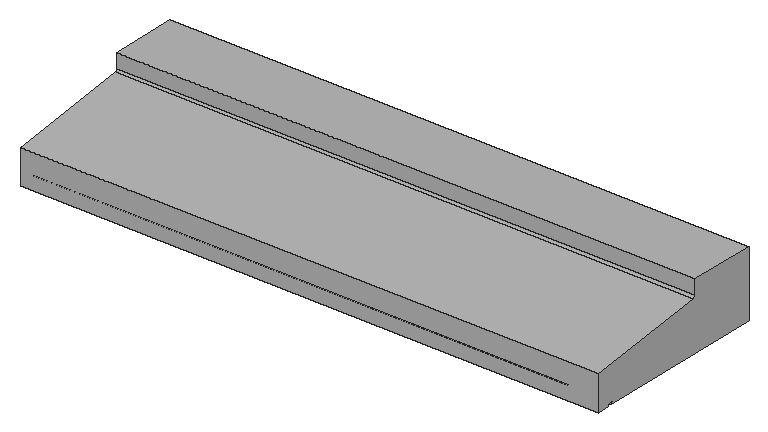
Revit family "B-Sill -S386", category Generic Models, Revit 2020
Family settings
  Can host rebar = No
  Round Connector Dimension = Use Diameter
  Part Type = Normal
  Work Plane-Based = No
  Always vertical = Yes
  Cut with Voids When Loaded = No
  Shared = No
  Room Calculation Point = No
Parameters
  Width of Seating = 115 mm
  Weight = "70Kg/m"
  Warranty Guarantor Parts = "n/a"
  Warranty Guarantor Labour = "n/a"
  Warranty Duration Unit = "n/a"
  Warranty Duration Parts = "n/a"
  Warranty Duration Labour = "n/a"
  Warranty Description = "n/a"
  URL = "www.killeshal.com"
  Types = "Single"
  Type Comments = "Visit our website for a full list of available products."
  Sustainability Performance = "n/a"
  Structural Class = "n/a"
  Span = "Ope Size + 205mm overhang."
  Slope = "0.00°"
  Size = "325mm x 115 to 60mm"
  Sill Width [instance] = 325 mm
  Sill Length [instance] = 1002 mm
  Sill Height [instance] = 115 mm
  Shape = "As per drawing"
  Service Life = "0.000000"
  Serial Number = "n/a"
  Resistance to Fire = "n/a"
  Replacement Cost = "n/a"
  Reference = "n/a"
  Notified Body = "n/a"
  Nominal Cover to Main Bar = "n/a"
  Model = "S/386 Sill"
  Mechanical Resistance = "n/a"
  Manufacturer = "Killeshal Precast Concrete Ltd."
  Load Bearing = no
  Life Cycle Environmental Load = "n/a"
  Length Options = "All sizes made to order."
  Keynote = "The information contained is the sole property of KPC Ltd., any reproduction in part or whole without permission of KPC Ltd. is prohibited."
  Front Face Dimension = 60 mm
  Environmental Product Declaration = "n/a"
  Environmental Class = "n/a"
  Durability against Corrosion = "n/a"
  Distance from Face to Seating = 210 mm
  Dimension Accuracy Class = "n/a"
  Detailing = "As per design specification and product drawings."
  Description = "Type B-Sill"
  Default Elevation = 0 mm
  Dangerous Substances = "n/a"
  Contact Tel = "0035357 9353018"
  Contact Email = "sales@killeshal.com"
  Construction Type = "Precast"
  Construction Tolerance Class = "n/a"
  Compressive Strength of Concrete = "n/a"
  Characteristics of Reinforcing Steel = "n/a"
  Characteristics Deflection Under Load = "n/a"
Reference planes
  plane 1 "Center (Front/Back)": y = 0
  plane 2: z = 0
  plane 3 "Center (Left/Right)": x = 0
  plane 4 "Rear": y = 162.5
  plane 5 "Front": y = -162.5
  plane 6 "Top": z = 115
  plane 7 "Center L/T": z = 60
  plane 8 "Center L/U": y = 47.5
  plane 9 "Center L/V": z = 90
Forms (mm)
  Extrusion 1, solid, material "Precast Concrete (KPC)"
    sketch origin (0, 0, 0) x (0, 1, 0) y (0, 0, 1)
      loop
        line (162.5, 0) -> (162.5, 115) -> (47.5, 115) -> (47.5, 90)
        arc (47.5, 90) -> (46.43, 87.277) -> (43.792, 86.011) r 4
        line (43.792, 86.011) -> (-162.5, 60) -> (-162.5, 0) -> (-142.5, 0)
        arc (-142.5, 0) -> (-137.5, 5) -> (-132.5, 0) r 5
        line (-132.5, 0) -> (162.5, 0)
    from 0 to 1002
Dimensions and locks
  "Sill Length": Extrusion 1 to Extrusion 1
  "Sill Width": Extrusion 1 to Extrusion 1
  "Sill Height": Extrusion 1 to Extrusion 1
  plane 4 "Rear" to plane 8 "Center L/U" = 115 mm
  plane 7 "Center L/T" to level = 60 mm
  aligned and locked: level to plane 2
Automatic sketch dimensions
  Extrusion 1 sketch curve to level = 0 mm
  Extrusion 1 sketch curve to plane 5 "Front" = 0 mm
  Extrusion 1 sketch curve to plane 9 "Center L/V" = 0 mm
  Extrusion 1 sketch curve to plane 8 "Center L/U" = 0 mm
  Extrusion 1 sketch curve to plane 4 "Rear" = 0 mm
  Extrusion 1 sketch curve to plane 7 "Center L/T" = 0 mm
  Extrusion 1 sketch curve to plane 6 "Top" = 0 mm
  plane 5 "Front" to Extrusion 1 sketch curve = 20 mm
  Extrusion 1 sketch curve to Extrusion 1 sketch curve = 5 mm
  Extrusion 1 sketch curve to Extrusion 1 sketch curve = 4 mm
  Extrusion 1 sketch curve to plane 8 "Center L/U" = 3.708 mm
